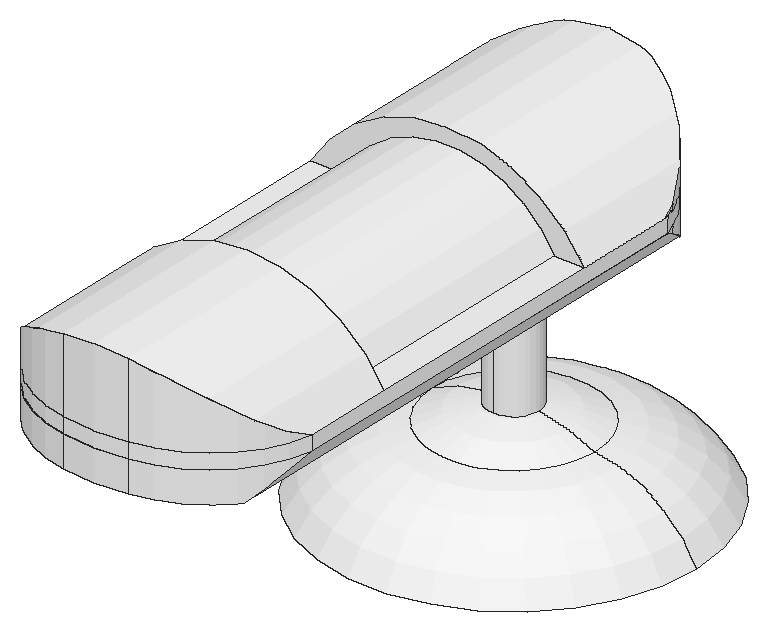
Revit family "1502a_lightowl_ir", category Communication Devices, host Face, Revit 2021
Family settings
  Host = Face
  Maintain Annotation Orientation = No
  Round Connector Dimension = Use Diameter
  Part Type = Normal
  OmniClass Number = 23.85.80.11.27
  OmniClass Title = Lighting Controls
  Cut with Voids When Loaded = No
  Shared = Yes
  Room Calculation Point = No
Parameters
  Warranty = "5-Years Warranty"  # constant formula
  Type Comments = "Wall Mount Occupancy Sensors\r"  # constant formula
  Product Page URL = ""
  Product Documentation Link = ""
  URL = "https://www.currentlighting.com/nxlightingcontrols"
  Power Requirements = "24VDC, 33 mA (uses UVPP and MP-Series power pack—not included)"  # constant formula
  Model = "NX Ceiling Mount Occupancy Sensors employ Passive Infrared\r\nand Ultrasonic sensing technologies to turn lighting on and off based\r\non occupancy"  # constant formula
  Manufacturer = " NX Lighting Controls"  # constant formula
  Sensing Element = Metal-Nickel
  Feartures = "IntelliDAPT self-adaptive technology—no manual adjustment required \r\nAll-digital dual technology passive infrared [PIR] sensor \r\nNon-volatile memory for sensor settings \r\n1,600 square-foot coverage area\r\nOptional relay and photocell control\r\nOptional Quick-to-Install (QTI) connector\r\nUL and cUL listed \r\nCalifornia Title 24 compliant\r\nFive-year limited warranty\r\nLow voltage device: 24 Vdc\r\n"  # constant formula
  Description = "The LightOWL Passive Infrared Sensor sensor uses passive infrared (PIR) technology\r\nto turn lighting on and off based on occupancy. Designed specifically for areas with\r\nlong-range major-motion activity, this sensor features  Controls' patented\r\nIntelliDAPT® technology, which makes all the sensor adjustments automatically. "  # constant formula
  Default Elevation = 48.00"
  Create Date = "02/04/2019"
  Copyright = "Copyright © NX Lighting Controls"  # constant formula
  Contact Us = ""
  Housing Material = Paint -  Matte White
  Certifications = "UL and cUL listed"
  Assembly Code = "D5090"
Reference planes (in)
  plane 1 "Center (Front/Back)": y = 11.68155
  plane 2: z = 0
  plane 3 "Center (Left/Right)": x = 0
  plane 4: x = -1.41
  plane 5: x = 1.41
  plane 6: y = 13.09155
  plane 7: y = 10.27155
  plane 8: z = 3.72
  plane 9: through (0.87749, -180, 1.95871) normal (0.7071, 0, 0.7071)
Forms (in)
  Revolve 1, solid, material "Paint -  Matte White" <- "Housing Material"
    sketch origin (0, 11.68155, 0) x (1, 0, 0) y (0, 0, 1)
      loop
        line (0, 0) -> (1.82999, 0)
        arc (1.82999, 0) -> (1.40849, 0.4728) -> (0.81222, 0.68649) r 1.28372
        arc (0.81222, 0.68649) -> (0.41744, 0.82505) -> (0, 0.85337) r 1.55552
        line (0, 0.85337) -> (0, 0)
      axis (0, 0.85337) -> (0, 0)
    angle from 0 to 360
  Sweep 2, solid, material "Paint -  Matte White" <- "Housing Material"
    path origin (0, 0, 0) x (0, 1, 0) y (0, 0, 1)
      loop
        line (11.68155, 0.85427) -> (11.68155, 1.68006) -> (12.02357, 2.61976)
    profile origin (0, 11.68155, 1.26717) x (0, -1, 0) y (1, 0, 0)
      loop
        circle (0, 0) r 0.25
Dimensions and locks (in)
  plane 4 to plane 5 = 2.82"
  plane 7 to plane 6 = 2.82"
  equal spacing: plane 7, plane 1 "Center (Front/Back)", plane 6
  plane 5 to plane 4 = 2.82"
  plane 8 to plane 2 = 3.72"
  aligned and locked: plane 2 to host face
  aligned and locked: level to host face
  aligned and locked: Revolve 1 sketch curve to plane 3 "Center (Left/Right)"
Automatic sketch dimensions
  host sketch curve to host sketch curve = 96.00"  (x2)
  Revolve 1 sketch curve to level = 0.00"
  plane 3 "Center (Left/Right)" to Revolve 1 sketch curve = 0.00"
  plane 3 "Center (Left/Right)" to Revolve 1 sketch curve = 0.10439"
  Revolve 1 sketch curve to Revolve 1 sketch curve = 0.58626"
  Revolve 1 sketch curve to level = 0.59145"
  Revolve 1 sketch curve to Revolve 1 sketch curve = 0.10719"
  Revolve 1 sketch curve to plane 5 = 0.59778"
  plane 5 to Revolve 1 sketch curve = 0.41999"
  Revolve 1 sketch curve to Revolve 1 sketch curve = 23.30136"
  Revolve 1 sketch curve to plane 8 = 54.31668"
  Sweep 2 sketch curve to plane 1 "Center (Front/Back)" = 0.00"
  level to Sweep 2 sketch curve = 0.85427"
  Sweep 2 sketch curve to plane 1 "Center (Front/Back)" = 0.34202"
  Sweep 2 sketch curve to Sweep 2 sketch curve = 0.82579"
  Sweep 2 sketch curve to Sweep 2 sketch curve = 0.93969"
  Sweep 2 sketch curve to plane 3 "Center (Left/Right)" = 0.00"
  Sweep 2 sketch curve to profile plane = 0.00"
  radius of Sweep 2 sketch curve = 0.25"
Nested families (in)
  nested 1: "Family1" at (0, 9.63972, 2.80957), type "Family1"
Connectors (in)
  electrical at (0, 11.68155, 0)
    settings: on Revolve 1, index 1, voltage 0 V, apparent load 0 VA, apparent load phase1 0 VA, apparent load phase2 0 VA, apparent load phase3 0 VA, power factor 1, load classification "Other", number of poles 1, system type 13, power factor state 1, is connector primary yes, connector utility no, sub classification motor no, connector description "Sensor"
Definition of nested family "Family1"
  Parameters
    housing = none
    Sensing material = none
    Height = 5.48"
    Default Elevation = 0.00"
  Reference planes (in)
    plane 1 "Center (Front/Back)": y = 0
    plane 2: z = 0
    plane 3 "Center (Left/Right)": x = 0
    plane 4: x = -1.365
    plane 5: x = 1.365
    plane 6: y = 2.74
    plane 7: y = -2.74
    plane 8: z = 0.93
    plane 9: z = -0.93
    plane 10: y = 3.26
    plane 11: y = -3.26
  Forms (in)
    Sweep 1, solid, material <- "housing"
      path origin (0, 0, 0) x (1, 0, 0) y (0, 1, 0)
        loop
          line (0, 3.3128) -> (0, -3.23467)
      profile origin (0, 0.03906, 0) x (1, 0, 0) y (0, 0, 1)
        loop
          line (-1.365, 0.075) -> (1.365, 0.075)
          arc (1.365, 0.075) -> (0, 0.8515) -> (-1.365, 0.075) r 1.58801
    Extrusion 2, void
      sketch origin (0, 0, 0) x (1, 0, 0) y (0, 1, 0)
        loop
          line (-1.365, -2.17044) -> (-1.365, -3.26592) -> (1.365, -3.26592) -> (1.365, -2.17044)
          arc (1.365, -2.17044) -> (1.00674, -2.83506) -> (0.32626, -3.16217) r 1.22166
          arc (0.32626, -3.16217) -> (0, -3.1881) -> (-0.32626, -3.16217) r 2.06591
          arc (-0.32626, -3.16217) -> (-1.00674, -2.83506) -> (-1.365, -2.17044) r 1.22166
        loop
          line (-1.37645, 3.3128) -> (-1.37645, 2.26389)
          arc (-1.37645, 2.26389) -> (-0.00573, 3.26001) -> (1.365, 2.26389) r 1.44117
          line (1.365, 2.26389) -> (1.365, 3.3128) -> (-1.37645, 3.3128)
      from -0.93 to 0.93
    Sweep 3, solid, material <- "housing"
      path origin (0, 0, 0.075) x (0, -1, 0) y (1, 0, 0)
        loop
          line (-3.26, 0) -> (3.26592, 0)
      profile origin (0, -0.00296, 0.075) x (1, 0, 0) y (0, 0, 1)
        loop
          arc (-1.365, -0.15) -> (0, -0.9265) -> (1.365, -0.15) r 1.58801
          line (1.365, -0.15) -> (-1.365, -0.15)
    Extrusion 4, void
      sketch origin (0, 0, 0) x (0, -1, 0) y (1, 0, 0)
        loop
          line (2.24827, -1.365) -> (3.3125, -1.365) -> (3.3125, 1.365) -> (2.24827, 1.365)
          arc (2.24827, 1.365) -> (2.91289, 1.00674) -> (3.24, 0.32626) r 1.22166
          arc (3.24, 0.32626) -> (3.26592, 0) -> (3.24, -0.32626) r 2.06591
          arc (3.24, -0.32626) -> (2.91289, -1.00674) -> (2.24827, -1.365) r 1.22166
        loop
          arc (-2.21702, -1.365) -> (-2.88164, -1.00674) -> (-3.20875, -0.32626) r 1.22166
          arc (-3.20875, -0.32626) -> (-3.23467, 0) -> (-3.20875, 0.32626) r 2.06591
          arc (-3.20875, 0.32626) -> (-2.88164, 1.00674) -> (-2.21702, 1.365) r 1.22166
          line (-2.21702, 1.365) -> (-3.46875, 1.365) -> (-3.46875, -1.365) -> (-2.21702, -1.365)
      from -1.03321 to 2.51239
    Sweep 5, void
      path origin (0, 0.21875, 0) x (1, 0, 0) y (0, 1, 0)
        loop
          line (0, 1) -> (0, -1.5)
      profile origin (0, -0.03125, 0) x (1, 0, 0) y (0, 0, 1)
        loop
          line (-1.365, 0.075) -> (-1.06382, 0.075)
          arc (-1.06382, 0.075) -> (0, 0.69868) -> (1.06382, 0.075) r 1.21913
          line (1.06382, 0.075) -> (1.365, 0.075)
          arc (1.365, 0.075) -> (0, 0.8515) -> (-1.365, 0.075) r 1.58801
    Extrusion 6, void
      sketch origin (0, 0, 0) x (0, 1, 0) y (0, 0, 1)
        loop
          arc (0.27944, -0.93) -> (0.14952, -0.54931) -> (-0.21875, -0.3875) r 0.5
          line (-0.21875, -0.3875) -> (-3.39092, -0.3875) -> (-3.39092, -0.93) -> (0.27944, -0.93)
      from -2.72838 to 2.18587
    Extrusion 7, solid, material <- "housing"
      sketch origin (0, 0, 0) x (1, 0, 0) y (0, 1, 0)
        loop
          line (-1.365, 2.29773) -> (-1.365, -2.17044)
          arc (-1.365, -2.17044) -> (-1.00674, -2.83506) -> (-0.32626, -3.16217) r 1.22166
          arc (-0.32626, -3.16217) -> (0, -3.1881) -> (0.32626, -3.16217) r 2.06591
          arc (0.32626, -3.16217) -> (1.00674, -2.83506) -> (1.365, -2.17044) r 1.22166
          line (1.365, -2.17044) -> (1.365, 2.26389)
          arc (1.365, 2.26389) -> (0.01214, 3.2599) -> (-1.365, 2.29773) r 1.44117
      from -0.075 to 0.075
  Cuts and joins
    Extrusion 2, Extrusion 4, Sweep 5 cuts Sweep 1
    joined: Sweep 1, Extrusion 7
    Extrusion 2, Extrusion 4, Extrusion 6 cuts Sweep 3
  Dimensions and locks (in)
    "Height": plane 7 to plane 6
    plane 4 to plane 5 = 2.73"
    equal spacing: plane 7, plane 1 "Center (Front/Back)", plane 6
    aligned and locked: plane 2 to level
    aligned and locked: Extrusion 2 to plane 9
    aligned and locked: plane 8 to Extrusion 2
  Automatic sketch dimensions
    profile plane to Sweep 1 sketch curve = 0.00"
    level to Sweep 1 sketch curve = 0.075"
    profile plane to Sweep 1 sketch curve = 1.365"
    Sweep 1 sketch curve to level = 0.7365"
    profile plane to Sweep 3 sketch curve = 0.00"
    Sweep 3 sketch curve to profile plane = 0.15"
    profile plane to Sweep 3 sketch curve = 1.365"
    profile plane to Sweep 3 sketch curve = 0.6615"
    Extrusion 4 sketch curve to plane 4 = 0.00"  (x2)
    Extrusion 4 sketch curve to plane 5 = 0.00"  (x2)
    Extrusion 4 sketch curve to plane 3 "Center (Left/Right)" = 0.00"  (x2)
    plane 7 to Extrusion 4 sketch curve = 0.50"  (x2)
    Extrusion 4 sketch curve to plane 7 = 0.49173"  (x2)
    plane 3 "Center (Left/Right)" to Extrusion 4 sketch curve = 0.16313"  (x2)
    Extrusion 4 sketch curve to Extrusion 4 sketch curve = 1.21072"
    Extrusion 4 sketch curve to plane 3 "Center (Left/Right)" = 0.16313"  (x2)
    plane 1 "Center (Front/Back)" to Extrusion 4 sketch curve = 1.20001"
    Extrusion 4 sketch curve to plane 1 "Center (Front/Back)" = 1.16876"
    Extrusion 4 sketch curve to Extrusion 4 sketch curve = 0.82927"
    Extrusion 4 sketch curve to Extrusion 4 sketch curve = 0.00"
    plane 6 to Extrusion 4 sketch curve = 0.52298"
    Extrusion 4 sketch curve to Extrusion 4 sketch curve = 0.21899"
    Extrusion 4 sketch curve to plane 6 = 0.72875"
    plane 7 to Extrusion 4 sketch curve = 0.5725"
    Extrusion 4 sketch curve to plane 6 = 0.46875"
    Sweep 5 sketch curve to plane 3 "Center (Left/Right)" = 0.00"
    plane 1 "Center (Front/Back)" to Sweep 5 sketch curve = 1.28125"
    Sweep 5 sketch curve to plane 1 "Center (Front/Back)" = 1.21875"
    profile plane to Sweep 5 sketch curve = 0.00"  (x2)
    level to Sweep 5 sketch curve = 0.075"  (x2)
    profile plane to Sweep 5 sketch curve = 1.06382"
    Sweep 5 sketch curve to Sweep 5 sketch curve = 0.30118"
    Sweep 5 sketch curve to level = 0.52045"
    Sweep 5 sketch curve to Sweep 5 sketch curve = 0.21606"
    Extrusion 6 sketch curve to plane 9 = 0.00"
    plane 7 to Extrusion 6 sketch curve = 0.65092"
    plane 1 "Center (Front/Back)" to Extrusion 6 sketch curve = 0.21875"
    Extrusion 6 sketch curve to plane 1 "Center (Front/Back)" = 0.27944"
    plane 9 to Extrusion 6 sketch curve = 0.0425"
    Sweep 1 sketch curve to plane 3 "Center (Left/Right)" = 0.00"
    Sweep 1 sketch curve to plane 11 = 0.02533"
    Sweep 1 sketch curve to plane 10 = 0.0528"
    Extrusion 2 sketch curve to plane 4 = 0.00"
    Extrusion 2 sketch curve to plane 3 "Center (Left/Right)" = 0.00"
    Extrusion 2 sketch curve to plane 5 = 0.00"  (x2)
    Extrusion 2 sketch curve to plane 4 = 0.01145"
    Extrusion 2 sketch curve to plane 3 "Center (Left/Right)" = 0.16313"
    Extrusion 2 sketch curve to plane 3 "Center (Left/Right)" = 0.00573"
    plane 3 "Center (Left/Right)" to Extrusion 2 sketch curve = 0.16313"
    plane 11 to Extrusion 2 sketch curve = 0.00592"
    Extrusion 2 sketch curve to plane 7 = 0.56956"  (x2)
    Extrusion 2 sketch curve to plane 7 = 0.78855"
    Extrusion 2 sketch curve to Extrusion 2 sketch curve = 0.00"
    Extrusion 2 sketch curve to Extrusion 2 sketch curve = 0.82927"
    plane 6 to Extrusion 2 sketch curve = 0.92115"
    Extrusion 2 sketch curve to plane 10 = 0.0528"
    Extrusion 2 sketch curve to plane 11 = 0.09783"
    plane 6 to Extrusion 2 sketch curve = 0.47611"
    Sweep 3 sketch curve to plane 3 "Center (Left/Right)" = 0.00"
    plane 10 to Sweep 3 sketch curve = 0.00"
    plane 11 to Sweep 3 sketch curve = 0.00592"
    Extrusion 7 sketch curve to plane 3 "Center (Left/Right)" = 0.00"
    Extrusion 7 sketch curve to plane 3 "Center (Left/Right)" = 0.16313"
    Extrusion 7 sketch curve to plane 3 "Center (Left/Right)" = 0.00573"
    Extrusion 7 sketch curve to plane 7 = 0.78855"
    Extrusion 7 sketch curve to Extrusion 7 sketch curve = 0.82927"
    plane 6 to Extrusion 7 sketch curve = 0.92115"
    plane 4 to Extrusion 7 sketch curve = 0.00"
    Extrusion 7 sketch curve to plane 11 = 0.09783"  (x2)
    Extrusion 7 sketch curve to plane 3 "Center (Left/Right)" = 0.32626"
    Extrusion 7 sketch curve to plane 5 = 0.00"
    plane 6 to Extrusion 7 sketch curve = 0.47611"
    plane 3 "Center (Left/Right)" to Extrusion 7 sketch curve = 0.16313"
    Extrusion 7 sketch curve to Extrusion 7 sketch curve = 0.00"
